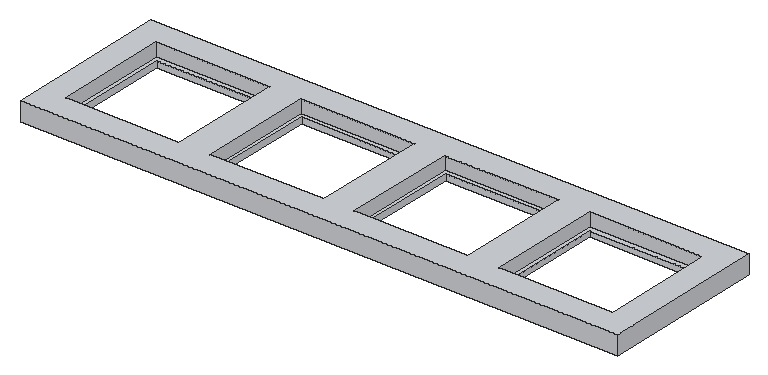
Revit family "Gira_021422", category Electrical Fixtures, host Face, Revit 2017
Family settings
  Host = Face
  Maintain Annotation Orientation = No
  Round Connector Dimension = Use Diameter
  Part Type = Normal
  Cut with Voids When Loaded = No
  Shared = No
  Room Calculation Point = No
Parameters (values of type "Abdeckrahmen 4f Gira E2 Reinweiß m")
  Werkstoffgüte = "Thermoplast"
  Werkstoff = "Kunststoff"
  URL = "http://katalog.gira.de/de_DE/datenblatt.html?artikelnr=021422"
  Transparent = "No"
  Textfeld/Beschriftungsfläche = "No"
  Schutzart (IP) = "IP20"
  Region = "DE"
  RAL-Nummer (ähnlich) = "9010 "
  Oberfläche = "sonstige"
  Name = "Abdeckrahmen 4f Gira E2 Reinweiß m"
  Montagerichtung = "horizontal und vertikal"
  Mit Montagerahmen = "No"
  Mit Klappdeckel = "No"
  Manufacturer URL = "https://www.gira.de/"
  Keynote = "E2_Rahmen_4fach"
  HeinzeBIM = "https://bimportal.heinze.de/bim/abdeckrahmen-4f-gira-e2-reinweiss-m/d3c02d465e0359d6856dd3567de4a617a9e39395"
  Halogenfrei = "Yes"
  HAN = "021422"
  Geeignet für Unterputz-Installation = "Yes"
  Geeignet für Unterflurkanaldose = "No"
  Geeignet für Geräteeinbaukanal = "No"
  Geeignet für Einbauinstallation = "No"
  GTIN = "4010337214229"
  Farbe = "weiß"
  Default Elevation = 1219.2 mm
  Data sheet (1) = "https://katalog.gira.de/de_DE/download.html?artikelnr=021422"
  Category = "Abdeckrahmen"
  Befestigungsart = "Klemmbefestigung"
  Available = "Yes"
  Ausführung der Oberfläche = "matt"
  Anzahl der Einheiten vertikal = "4 "
  Anzahl der Einheiten horizontal = "4 "
  Anzahl der Einheiten = "4 "
Reference planes
  plane 1 "Center (Front/Back)": y = 0
  plane 2: z = 0
  plane 3 "Center (Left/Right)": x = 0
Forms (mm)
  Extrusion 1, solid, detail levels fine
    sketch origin (0, 0, 0) x (1, 0, 0) y (0, 1, 0)
      loop
        line (147.35, 40.4) -> (-147.35, 40.4) -> (-147.35, -40.4) -> (147.35, -40.4) -> (147.35, 40.4)
      loop
        line (78.898, 28.052) -> (78.898, -28.052) -> (135.002, -28.052) -> (135.002, 28.052) -> (78.898, 28.052)
      loop
        line (7.598, 28.052) -> (7.598, -28.052) -> (63.702, -28.052) -> (63.702, 28.052) -> (7.598, 28.052)
      loop
        line (-63.702, 28.052) -> (-63.702, -28.052) -> (-7.598, -28.052) -> (-7.598, 28.052) -> (-63.702, 28.052)
      loop
        line (-135.002, 28.052) -> (-135.002, -28.052) -> (-78.898, -28.052) -> (-78.898, 28.052) -> (-135.002, 28.052)
    from 0 to 9.3
  Extrusion 2, solid, detail levels fine
    sketch origin (-106.85, 0, 0) x (1, 0, 0) y (0, 1, 0)
      loop
        line (-28.152, -28.152) -> (28.152, -28.152) -> (28.152, 28.152) -> (-28.152, 28.152) -> (-28.152, -28.152)
      loop
        line (25.9, -25.7) -> (25.9, 25.7) -> (-25.9, 25.7) -> (-25.9, -25.7) -> (25.9, -25.7)
    from 0 to 3
  Extrusion 3, solid, detail levels coarse+medium
    sketch origin (0, 0, 0) x (1, 0, 0) y (0, 1, 0)
      loop
        line (147.35, 40.4) -> (-147.35, 40.4) -> (-147.35, -40.4) -> (147.35, -40.4) -> (147.35, 40.4)
    from 0 to 9.3
  Extrusion 4, solid, detail levels fine
    sketch origin (-35.55, -0.047, 0) x (1, 0, 0) y (0, 1, 0)
      loop
        line (-28.152, -28.106) -> (28.152, -28.106) -> (28.152, 28.199) -> (-28.152, 28.199) -> (-28.152, -28.106)
      loop
        line (25.9, -25.653) -> (25.9, 25.747) -> (-25.9, 25.747) -> (-25.9, -25.653) -> (25.9, -25.653)
    from 0 to 3
  Extrusion 5, solid, detail levels fine
    sketch origin (106.85, -0.047, 0) x (1, 0, 0) y (0, 1, 0)
      loop
        line (-27.952, -28.006) -> (28.152, -28.006) -> (28.152, 28.099) -> (-27.952, 28.099) -> (-27.952, -28.006)
      loop
        line (26, -25.653) -> (26, 25.747) -> (-25.9, 25.747) -> (-25.9, -25.653) -> (26, -25.653)
    from 0 to 3
  Extrusion 6, solid, detail levels fine
    sketch origin (35.55, -0.047, 0) x (1, 0, 0) y (0, 1, 0)
      loop
        line (-27.952, -28.006) -> (28.152, -28.006) -> (28.152, 28.099) -> (-27.952, 28.099) -> (-27.952, -28.006)
      loop
        line (26, -25.653) -> (26, 25.747) -> (-25.9, 25.747) -> (-25.9, -25.653) -> (26, -25.653)
    from 0 to 3
Dimensions and locks
  aligned and locked: plane 2 to host face
  aligned and locked: level to host face
